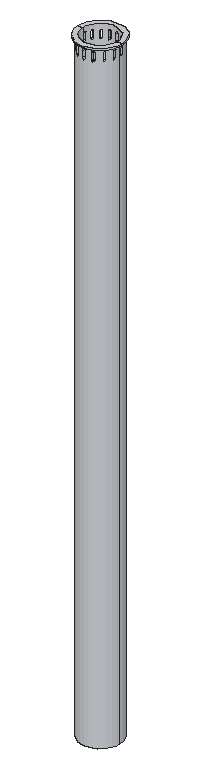
Revit family "Flushometer-Tailpiece-KOHLER-K-13716_1", category Specialty Equipment, host Face, Revit 2017
Family settings
  Host = Face
  Round Connector Dimension = Use Diameter
  Part Type = Normal
  OmniClass Number = 23.31.25.00
  OmniClass Title = Toilet and Bath Specialties
  Cut with Voids When Loaded = No
  Shared = No
  Room Calculation Point = No
Parameters (values of type "CP-Polished Chrome")
  Width = 1 93/128"  # constant formula
  WaterSense Certified = 1 = 0  # no
  URL = "https://www.us.kohler.com/us/"
  Type = 1
  Product Page URL = "http://www.us.kohler.com/us/catalog/productDetails.jsp?productId=13716"
  Product Name = ""
  Product Documentation Link = "https://www.us.kohler.com/webassets/kpna/catalog/pdf/en/K-13716_spec_US-CA_Kohler_en.pdf"
  Model = "K-13716-CP"  # constant formula
  Material = "Brass Construction"  # constant formula
  Master Format 2014 Name = "Toilet, Bath, and Laundry Accessories"  # constant formula
  Master Format 2014 = "10 28 00"  # constant formula
  Manufacturer Address = "444 Highland Dr, Kohler, WI 53044"  # constant formula
  Manufacturer = "KOHLER Co."  # constant formula
  Length = 1 93/128"  # constant formula
  Height = 24"  # constant formula
  Finish = Kohler-Metal-CP-Polished_Chrome
  Environmental Product Declaration = ""
  Description = "1-1/2 inch x 24 inch Tailpiece"  # constant formula
  Default Elevation = 42"
  Declare Label = ""
  Date Modified = "02/11/2021"  # constant formula
  Date Created = "02/11/2021"  # constant formula
  Copyright = "Copyright KOHLER Co."  # constant formula
  Contact Us = "https://www.us.kohler.com/us/static/contact.jsp"
  Assembly Code = "C1030200"
  ADA Compliant = 1 = 0  # no
Reference planes (in)
  plane 1 "Center (Front/Back)": y = 0
  plane 2: z = 0
  plane 3 "Center (Left/Right)": x = 0
  plane 4: x = 0.74803
  plane 5: x = -0.74803
  plane 6: y = -0.74803
  plane 7: y = 0.74803
  plane 8: y = 0.86417
  plane 9: x = 0.86417
  plane 10: y = -0.86239
  plane 11: x = -0.86239
  plane 12: z = 24
Dimensions and locks (in)
  "Width": plane 11 to plane 9
  "Length": plane 8 to plane 10
  "Height": plane 12 to plane 2
  aligned and locked: plane 2 to host face
  aligned and locked: level to host face
Automatic sketch dimensions
  host sketch curve to host sketch curve = 96"  (x2)
Nested families (in)
  nested 1: "K-13716" at (0, 0, 0), type "K-13716"
Definition of nested family "K-13716"
  Parameters (values of type "K-13716")
    Material = none
  Reference planes (in)
    plane 1 "Center (Front/Back)": y = 0
    plane 2: z = 0
    plane 3 "Center (Left/Right)": x = 0
    plane 4: z = 24
    plane 5: x = -0.74803
    plane 6: x = 0.74803
  Forms (in)
    Revolve 1, solid, material <- "Material", detail levels medium+fine
      sketch origin (0, 0, 0) x (1, 0, 0) y (0, 0, 1)
        loop
          line (-0.74803, 23.95177) -> (-0.74803, 0) -> (0, 0) -> (0, 0.07874) -> (-0.66929, 0.07874) -> (-0.66929, 24) -> (-0.86417, 24) -> (-0.86417, 23.95177) -> (-0.74803, 23.95177)
        axis (0, 24) -> (0, 0)
      angle from 0 to 360
    Extrusion 2, void
      sketch origin (0, 0, 0) x (1, 0, 0) y (0, 0, 1)
        loop
          line (-0.05906, 23.7838) -> (-0.05906, 23.52721)
          arc (-0.05906, 23.52721) -> (0, 23.46815) -> (0.05906, 23.52721) r 0.05906
          line (0.05906, 23.52721) -> (0.05906, 23.7838)
          arc (0.05906, 23.7838) -> (0, 23.84285) -> (-0.05906, 23.7838) r 0.05906
      from 0.56122 to 1.02982
    Extrusion 3, void
      sketch origin (0, 0, 0) x (0.913545, -0.406737, 0) y (0, 0, 1)
        loop
          line (-0.05906, 23.7838) -> (-0.05906, 23.52721)
          arc (-0.05906, 23.52721) -> (0, 23.46815) -> (0.05906, 23.52721) r 0.05906
          line (0.05906, 23.52721) -> (0.05906, 23.7838)
          arc (0.05906, 23.7838) -> (0, 23.84285) -> (-0.05906, 23.7838) r 0.05906
      from 0.56122 to 1.02982
    Extrusion 4, void
      sketch origin (0, 0, 0) x (0.913545, 0.406737, 0) y (0, 0, 1)
        loop
          line (-0.05906, 23.7838) -> (-0.05906, 23.52721)
          arc (-0.05906, 23.52721) -> (0, 23.46815) -> (0.05906, 23.52721) r 0.05906
          line (0.05906, 23.52721) -> (0.05906, 23.7838)
          arc (0.05906, 23.7838) -> (0, 23.84285) -> (-0.05906, 23.7838) r 0.05906
      from 0.56122 to 1.02982
    Extrusion 5, void
      sketch origin (0, 0, 0) x (0.669131, 0.743145, 0) y (0, 0, 1)
        loop
          line (-0.05906, 23.7838) -> (-0.05906, 23.52721)
          arc (-0.05906, 23.52721) -> (0, 23.46815) -> (0.05906, 23.52721) r 0.05906
          line (0.05906, 23.52721) -> (0.05906, 23.7838)
          arc (0.05906, 23.7838) -> (0, 23.84285) -> (-0.05906, 23.7838) r 0.05906
      from 0.56122 to 1.02982
    Extrusion 6, void
      sketch origin (0, 0, 0) x (0.309017, 0.951057, 0) y (0, 0, 1)
        loop
          line (-0.05906, 23.7838) -> (-0.05906, 23.52721)
          arc (-0.05906, 23.52721) -> (0, 23.46815) -> (0.05906, 23.52721) r 0.05906
          line (0.05906, 23.52721) -> (0.05906, 23.7838)
          arc (0.05906, 23.7838) -> (0, 23.84285) -> (-0.05906, 23.7838) r 0.05906
      from 0.56122 to 1.02982
    Extrusion 7, void
      sketch origin (0, 0, 0) x (-0.104528, 0.994522, 0) y (0, 0, 1)
        loop
          line (-0.05906, 23.7838) -> (-0.05906, 23.52721)
          arc (-0.05906, 23.52721) -> (0, 23.46815) -> (0.05906, 23.52721) r 0.05906
          line (0.05906, 23.52721) -> (0.05906, 23.7838)
          arc (0.05906, 23.7838) -> (0, 23.84285) -> (-0.05906, 23.7838) r 0.05906
      from 0.56122 to 1.02982
    Extrusion 8, void
      sketch origin (0, 0, 0) x (-0.5, 0.866025, 0) y (0, 0, 1)
        loop
          line (-0.05906, 23.7838) -> (-0.05906, 23.52721)
          arc (-0.05906, 23.52721) -> (0, 23.46815) -> (0.05906, 23.52721) r 0.05906
          line (0.05906, 23.52721) -> (0.05906, 23.7838)
          arc (0.05906, 23.7838) -> (0, 23.84285) -> (-0.05906, 23.7838) r 0.05906
      from 0.56122 to 1.02982
    Extrusion 9, void
      sketch origin (0, 0, 0) x (-0.809017, 0.587785, 0) y (0, 0, 1)
        loop
          line (-0.05906, 23.7838) -> (-0.05906, 23.52721)
          arc (-0.05906, 23.52721) -> (0, 23.46815) -> (0.05906, 23.52721) r 0.05906
          line (0.05906, 23.52721) -> (0.05906, 23.7838)
          arc (0.05906, 23.7838) -> (0, 23.84285) -> (-0.05906, 23.7838) r 0.05906
      from 0.56122 to 1.02982
    Extrusion 10, void
      sketch origin (0, 0, 0) x (-0.978148, 0.207912, 0) y (0, 0, 1)
        loop
          line (-0.05906, 23.7838) -> (-0.05906, 23.52721)
          arc (-0.05906, 23.52721) -> (0, 23.46815) -> (0.05906, 23.52721) r 0.05906
          line (0.05906, 23.52721) -> (0.05906, 23.7838)
          arc (0.05906, 23.7838) -> (0, 23.84285) -> (-0.05906, 23.7838) r 0.05906
      from 0.56122 to 1.02982
    Extrusion 11, void
      sketch origin (0, 0, 0) x (-0.978148, -0.207912, 0) y (0, 0, 1)
        loop
          line (-0.05906, 23.7838) -> (-0.05906, 23.52721)
          arc (-0.05906, 23.52721) -> (0, 23.46815) -> (0.05906, 23.52721) r 0.05906
          line (0.05906, 23.52721) -> (0.05906, 23.7838)
          arc (0.05906, 23.7838) -> (0, 23.84285) -> (-0.05906, 23.7838) r 0.05906
      from 0.56122 to 1.02982
    Extrusion 12, void
      sketch origin (0, 0, 0) x (-0.809017, -0.587785, 0) y (0, 0, 1)
        loop
          line (-0.05906, 23.7838) -> (-0.05906, 23.52721)
          arc (-0.05906, 23.52721) -> (0, 23.46815) -> (0.05906, 23.52721) r 0.05906
          line (0.05906, 23.52721) -> (0.05906, 23.7838)
          arc (0.05906, 23.7838) -> (0, 23.84285) -> (-0.05906, 23.7838) r 0.05906
      from 0.56122 to 1.02982
    Extrusion 13, void
      sketch origin (0, 0, 0) x (-0.5, -0.866025, 0) y (0, 0, 1)
        loop
          line (-0.05906, 23.7838) -> (-0.05906, 23.52721)
          arc (-0.05906, 23.52721) -> (0, 23.46815) -> (0.05906, 23.52721) r 0.05906
          line (0.05906, 23.52721) -> (0.05906, 23.7838)
          arc (0.05906, 23.7838) -> (0, 23.84285) -> (-0.05906, 23.7838) r 0.05906
      from 0.56122 to 1.02982
    Extrusion 14, void
      sketch origin (0, 0, 0) x (-0.104528, -0.994522, 0) y (0, 0, 1)
        loop
          line (-0.05906, 23.7838) -> (-0.05906, 23.52721)
          arc (-0.05906, 23.52721) -> (0, 23.46815) -> (0.05906, 23.52721) r 0.05906
          line (0.05906, 23.52721) -> (0.05906, 23.7838)
          arc (0.05906, 23.7838) -> (0, 23.84285) -> (-0.05906, 23.7838) r 0.05906
      from 0.56122 to 1.02982
    Extrusion 15, void
      sketch origin (0, 0, 0) x (0.309017, -0.951057, 0) y (0, 0, 1)
        loop
          line (-0.05906, 23.7838) -> (-0.05906, 23.52721)
          arc (-0.05906, 23.52721) -> (0, 23.46815) -> (0.05906, 23.52721) r 0.05906
          line (0.05906, 23.52721) -> (0.05906, 23.7838)
          arc (0.05906, 23.7838) -> (0, 23.84285) -> (-0.05906, 23.7838) r 0.05906
      from 0.56122 to 1.02982
    Extrusion 16, void
      sketch origin (0, 0, 0) x (0.669131, -0.743145, 0) y (0, 0, 1)
        loop
          line (-0.05906, 23.7838) -> (-0.05906, 23.52721)
          arc (-0.05906, 23.52721) -> (0, 23.46815) -> (0.05906, 23.52721) r 0.05906
          line (0.05906, 23.52721) -> (0.05906, 23.7838)
          arc (0.05906, 23.7838) -> (0, 23.84285) -> (-0.05906, 23.7838) r 0.05906
      from 0.56122 to 1.02982
    Extrusion 17, solid, material <- "Material", detail levels coarse
      sketch origin (0, 0, 0) x (1, 0, 0) y (0, 1, 0)
        loop
          circle (0, 0) r 0.86417
      from 0 to 24
  Cuts and joins
    Extrusion 2, Extrusion 3, Extrusion 4, Extrusion 5, Extrusion 6, Extrusion 7, Extrusion 8, Extrusion 9, Extrusion 10, Extrusion 11, Extrusion 12, Extrusion 13, Extrusion 14, Extrusion 15, Extrusion 16 cuts Revolve 1
  Lines and regions (in)
    Masking region 1
      outline origin (0, 0, 0) x (1, 0, 0) y (0, 1, 0)
        loop
          circle (0, 0) r 0.86417
    Masking region 2
      outline origin (0, 0, 0) x (1, 0, 0) y (0, 0, 1)
        loop
          line (-0.74803, 23.95177) -> (-0.74803, 0) -> (0.74803, 0) -> (0.74803, 23.95177) -> (0.86417, 23.95177) -> (0.86417, 24) -> (-0.86417, 24) -> (-0.86417, 23.95177) -> (-0.74803, 23.95177)
    Masking region 3
      outline origin (0, 0, 0) x (0, 1, 0) y (0, 0, 1)
        loop
          line (0, 24) -> (-0.86417, 24) -> (-0.86417, 23.95177) -> (-0.74803, 23.95177) -> (-0.74803, 0) -> (0, 0) -> (0.74803, 0) -> (0.74803, 23.95177) -> (0.86417, 23.95177) -> (0.86417, 24) -> (0, 24)
    symbolic lines, detail levels medium+fine
      curve 1: circle (0, 0, 0) r 0.66929 normal (0, 0, 1)
      curve 2: line (-0.74803, 0, 23.95177) -> (0.74803, 0, 23.95177)
      curve 3: line (-0.05906, 0, 23.52721) -> (-0.05906, 0, 23.7838)
      curve 4: arc (-0.05905, 0, 23.7838) -> (0, -0.00005, 23.84285) -> (0.05905, 0, 23.7838) r 0.05905
      curve 5: line (0.05906, 0, 23.7838) -> (0.05906, 0, 23.52721)
      curve 6: arc (0.05905, 0, 23.52721) -> (0, -0.00005, 23.46815) -> (-0.05905, 0, 23.52721) r 0.05905
      curve 7: line (0.24935, 0, 23.52723) -> (0.24935, 0, 23.7838)
      curve 8: line (0.35725, 0, 23.78382) -> (0.35725, 0, 23.52721)
      curve 9: line (0.32511, 0, 23.52718) -> (0.32511, 0, 23.78382)
      curve 10: spline (0.24935, 0, 23.7838) -> (0.2512, 0, 23.79908) -> (0.25659, 0, 23.81332) -> (0.26516, 0, 23.82555) -> (0.27634, 0, 23.83494) -> (0.28935, 0, 23.84084) -> (0.30331, 0, 23.84285) -> (0.31727, 0, 23.84084) -> (0.33028, 0, 23.83495) -> (0.34145, 0, 23.82557) -> (0.35003, 0, 23.81334) -> (0.35541, 0, 23.7991) -> (0.35725, 0, 23.78382)
      curve 11: spline (0.35725, 0, 23.52721) -> (0.35542, 0, 23.51192) -> (0.35003, 0, 23.49768) -> (0.34146, 0, 23.48545) -> (0.33029, 0, 23.47606) -> (0.31728, 0, 23.47016) -> (0.30331, 0, 23.46815) -> (0.28935, 0, 23.47017) -> (0.27633, 0, 23.47607) -> (0.26516, 0, 23.48546) -> (0.25658, 0, 23.4977) -> (0.25119, 0, 23.51194) -> (0.24935, 0, 23.52723)
      curve 12: spline (0.29183, 0, 23.47265) -> (0.29661, 0, 23.47512) -> (0.30115, 0, 23.4781) -> (0.3054, 0, 23.48155) -> (0.30932, 0, 23.48544) -> (0.31287, 0, 23.48973) -> (0.31603, 0, 23.49439) -> (0.31875, 0, 23.49936) -> (0.32101, 0, 23.50459) -> (0.32279, 0, 23.51005) -> (0.32408, 0, 23.51567) -> (0.32485, 0, 23.5214) -> (0.32511, 0, 23.52718)
      curve 13: spline (0.32511, 0, 23.78382) -> (0.32482, 0, 23.78995) -> (0.32395, 0, 23.79601) -> (0.32251, 0, 23.80194) -> (0.32051, 0, 23.80768) -> (0.31799, 0, 23.81316) -> (0.31495, 0, 23.81832) -> (0.31144, 0, 23.8231) -> (0.3075, 0, 23.82746) -> (0.30317, 0, 23.83135) -> (0.29849, 0, 23.83473) -> (0.29351, 0, 23.83756) -> (0.2883, 0, 23.8398)
      curve 14: spline (0.51465, 0, 23.7838) -> (0.516, 0, 23.79908) -> (0.51995, 0, 23.81332) -> (0.52624, 0, 23.82555) -> (0.53442, 0, 23.83493) -> (0.54395, 0, 23.84084) -> (0.55418, 0, 23.84285) -> (0.5644, 0, 23.84085) -> (0.57393, 0, 23.83496) -> (0.58211, 0, 23.82559) -> (0.58838, 0, 23.81337) -> (0.59233, 0, 23.79913) -> (0.59368, 0, 23.78385)
      curve 15: spline (0.59368, 0, 23.52721) -> (0.59234, 0, 23.51192) -> (0.5884, 0, 23.49767) -> (0.58212, 0, 23.48544) -> (0.57394, 0, 23.47606) -> (0.56441, 0, 23.47016) -> (0.55418, 0, 23.46815) -> (0.54395, 0, 23.47017) -> (0.53441, 0, 23.47608) -> (0.52623, 0, 23.48548) -> (0.51994, 0, 23.49772) -> (0.51599, 0, 23.51197) -> (0.51465, 0, 23.52726)
      curve 16: line (0.59368, 0, 23.78385) -> (0.59368, 0, 23.52721)
      curve 17: line (0.51465, 0, 23.52726) -> (0.51465, 0, 23.7838)
      curve 18: spline (0.52582, 0, 23.48939) -> (0.52723, 0, 23.49208) -> (0.52853, 0, 23.49488) -> (0.52972, 0, 23.49779) -> (0.5308, 0, 23.5008) -> (0.53176, 0, 23.50389) -> (0.5326, 0, 23.50707) -> (0.53332, 0, 23.51031) -> (0.5339, 0, 23.51361) -> (0.53436, 0, 23.51695) -> (0.53469, 0, 23.52033) -> (0.53489, 0, 23.52373) -> (0.53496, 0, 23.52715)
      curve 19: line (0.53496, 0, 23.52715) -> (0.53496, 0, 23.78386)
      curve 20: spline (0.53496, 0, 23.78386) -> (0.53489, 0, 23.78724) -> (0.5347, 0, 23.7906) -> (0.53437, 0, 23.79395) -> (0.53392, 0, 23.79726) -> (0.53335, 0, 23.80053) -> (0.53265, 0, 23.80374) -> (0.53183, 0, 23.80689) -> (0.53089, 0, 23.80996) -> (0.52983, 0, 23.81294) -> (0.52866, 0, 23.81583) -> (0.52738, 0, 23.81862) -> (0.526, 0, 23.82129)
      curve 21: line (0.69095, 0, 23.52736) -> (0.69095, 0, 23.7838)
      curve 22: spline (0.69095, 0, 23.7838) -> (0.69158, 0, 23.79907) -> (0.69341, 0, 23.8133) -> (0.69632, 0, 23.82553) -> (0.7001, 0, 23.83492) -> (0.7045, 0, 23.84082) -> (0.70922, 0, 23.84285) -> (0.71394, 0, 23.84086) -> (0.71834, 0, 23.83499) -> (0.72211, 0, 23.82564) -> (0.72501, 0, 23.81343) -> (0.72683, 0, 23.79922) -> (0.72745, 0, 23.78395)
      curve 23: line (0.72745, 0, 23.78395) -> (0.72745, 0, 23.52721)
      curve 24: spline (0.72745, 0, 23.52721) -> (0.72684, 0, 23.51191) -> (0.72502, 0, 23.49766) -> (0.72213, 0, 23.48542) -> (0.71835, 0, 23.47604) -> (0.71395, 0, 23.47015) -> (0.70922, 0, 23.46815) -> (0.7045, 0, 23.47019) -> (0.70009, 0, 23.47611) -> (0.6963, 0, 23.48553) -> (0.6934, 0, 23.49779) -> (0.69157, 0, 23.51206) -> (0.69095, 0, 23.52736)
      curve 25: line (-0.24935, 0, 23.52723) -> (-0.24935, 0, 23.7838)
      curve 26: line (-0.35725, 0, 23.78382) -> (-0.35725, 0, 23.52721)
      curve 27: line (-0.32511, 0, 23.52718) -> (-0.32511, 0, 23.78382)
      curve 28: spline (-0.24935, 0, 23.7838) -> (-0.2512, 0, 23.79908) -> (-0.25659, 0, 23.81332) -> (-0.26516, 0, 23.82555) -> (-0.27634, 0, 23.83494) -> (-0.28935, 0, 23.84084) -> (-0.30331, 0, 23.84285) -> (-0.31727, 0, 23.84084) -> (-0.33028, 0, 23.83495) -> (-0.34145, 0, 23.82557) -> (-0.35003, 0, 23.81334) -> (-0.35541, 0, 23.7991) -> (-0.35725, 0, 23.78382)
      curve 29: spline (-0.35725, 0, 23.52721) -> (-0.35542, 0, 23.51192) -> (-0.35003, 0, 23.49768) -> (-0.34146, 0, 23.48545) -> (-0.33029, 0, 23.47606) -> (-0.31728, 0, 23.47016) -> (-0.30331, 0, 23.46815) -> (-0.28935, 0, 23.47017) -> (-0.27633, 0, 23.47607) -> (-0.26516, 0, 23.48546) -> (-0.25658, 0, 23.4977) -> (-0.25119, 0, 23.51194) -> (-0.24935, 0, 23.52723)
      curve 30: spline (-0.28725, 0, 23.47083) -> (-0.29259, 0, 23.473) -> (-0.2977, 0, 23.47578) -> (-0.3025, 0, 23.47912) -> (-0.30696, 0, 23.48301) -> (-0.31102, 0, 23.48738) -> (-0.31463, 0, 23.49221) -> (-0.31776, 0, 23.49742) -> (-0.32037, 0, 23.50296) -> (-0.32242, 0, 23.50878) -> (-0.32391, 0, 23.5148) -> (-0.32481, 0, 23.52095) -> (-0.32511, 0, 23.52718)
      curve 31: spline (-0.32511, 0, 23.78382) -> (-0.32481, 0, 23.79005) -> (-0.32391, 0, 23.79621) -> (-0.32242, 0, 23.80223) -> (-0.32037, 0, 23.80804) -> (-0.31776, 0, 23.81359) -> (-0.31463, 0, 23.8188) -> (-0.31102, 0, 23.82362) -> (-0.30696, 0, 23.828) -> (-0.3025, 0, 23.83188) -> (-0.2977, 0, 23.83523) -> (-0.29259, 0, 23.838) -> (-0.28725, 0, 23.84017)
      curve 32: spline (-0.51465, 0, 23.7838) -> (-0.516, 0, 23.79908) -> (-0.51995, 0, 23.81332) -> (-0.52624, 0, 23.82555) -> (-0.53442, 0, 23.83493) -> (-0.54395, 0, 23.84084) -> (-0.55418, 0, 23.84285) -> (-0.5644, 0, 23.84085) -> (-0.57393, 0, 23.83496) -> (-0.58211, 0, 23.82559) -> (-0.58838, 0, 23.81337) -> (-0.59233, 0, 23.79913) -> (-0.59368, 0, 23.78385)
      curve 33: spline (-0.59368, 0, 23.52721) -> (-0.59234, 0, 23.51192) -> (-0.5884, 0, 23.49767) -> (-0.58212, 0, 23.48544) -> (-0.57394, 0, 23.47606) -> (-0.56441, 0, 23.47016) -> (-0.55418, 0, 23.46815) -> (-0.54395, 0, 23.47017) -> (-0.53441, 0, 23.47608) -> (-0.52623, 0, 23.48548) -> (-0.51994, 0, 23.49772) -> (-0.51599, 0, 23.51197) -> (-0.51465, 0, 23.52726)
      curve 34: line (-0.59368, 0, 23.78385) -> (-0.59368, 0, 23.52721)
      curve 35: line (-0.51465, 0, 23.52726) -> (-0.51465, 0, 23.7838)
      curve 36: spline (-0.52483, 0, 23.48768) -> (-0.52638, 0, 23.49043) -> (-0.52782, 0, 23.49332) -> (-0.52914, 0, 23.49633) -> (-0.53034, 0, 23.49946) -> (-0.53141, 0, 23.50269) -> (-0.53234, 0, 23.50601) -> (-0.53313, 0, 23.50941) -> (-0.53378, 0, 23.51288) -> (-0.5343, 0, 23.5164) -> (-0.53466, 0, 23.51996) -> (-0.53488, 0, 23.52355) -> (-0.53496, 0, 23.52715)
      curve 37: line (-0.53496, 0, 23.52715) -> (-0.53496, 0, 23.78386)
      curve 38: spline (-0.53496, 0, 23.78386) -> (-0.53488, 0, 23.78746) -> (-0.53466, 0, 23.79105) -> (-0.5343, 0, 23.79461) -> (-0.53378, 0, 23.79813) -> (-0.53313, 0, 23.8016) -> (-0.53234, 0, 23.805) -> (-0.53141, 0, 23.80832) -> (-0.53034, 0, 23.81155) -> (-0.52914, 0, 23.81468) -> (-0.52782, 0, 23.81769) -> (-0.52638, 0, 23.82058) -> (-0.52483, 0, 23.82333)
      curve 39: line (-0.69095, 0, 23.52736) -> (-0.69095, 0, 23.7838)
      curve 40: spline (-0.69095, 0, 23.7838) -> (-0.69158, 0, 23.79907) -> (-0.69341, 0, 23.8133) -> (-0.69632, 0, 23.82553) -> (-0.7001, 0, 23.83492) -> (-0.7045, 0, 23.84082) -> (-0.70922, 0, 23.84285) -> (-0.71394, 0, 23.84086) -> (-0.71834, 0, 23.83499) -> (-0.72211, 0, 23.82564) -> (-0.72501, 0, 23.81343) -> (-0.72683, 0, 23.79922) -> (-0.72745, 0, 23.78395)
      curve 41: line (-0.72745, 0, 23.78395) -> (-0.72745, 0, 23.52721)
      curve 42: spline (-0.72745, 0, 23.52721) -> (-0.72684, 0, 23.51191) -> (-0.72502, 0, 23.49766) -> (-0.72213, 0, 23.48542) -> (-0.71835, 0, 23.47604) -> (-0.71395, 0, 23.47015) -> (-0.70922, 0, 23.46815) -> (-0.7045, 0, 23.47019) -> (-0.70009, 0, 23.47611) -> (-0.6963, 0, 23.48553) -> (-0.6934, 0, 23.49779) -> (-0.69157, 0, 23.51206) -> (-0.69095, 0, 23.52736)
      curve 43: line (0, 0.74803, 23.95177) -> (0, -0.74803, 23.95177)
      curve 44: line (0, -0.05906, 23.78184) -> (0, -0.05906, 23.53569)
      curve 45: line (0, 0.05906, 23.53569) -> (0, 0.05906, 23.78184)
      curve 46: arc (0, 0.05906, 23.78184) -> (0, 0, 23.8409) -> (0, -0.05906, 23.78184) r 0.05906
      curve 47: arc (0, -0.05906, 23.53569) -> (0, 0, 23.47664) -> (0, 0.05906, 23.53569) r 0.05906
      curve 48: line (0, -0.17427, 23.52722) -> (0, -0.17427, 23.7838)
      curve 49: spline (0, -0.17427, 23.7838) -> (0, -0.17619, 23.79908) -> (0, -0.1818, 23.81332) -> (0, -0.19073, 23.82555) -> (0, -0.20236, 23.83494) -> (0, -0.2159, 23.84084) -> (0, -0.23044, 23.84285) -> (0, -0.24497, 23.84084) -> (0, -0.25852, 23.83495) -> (0, -0.27015, 23.82557) -> (0, -0.27907, 23.81334) -> (0, -0.28468, 23.7991) -> (0, -0.2866, 23.78381)
      curve 50: spline (0, -0.26218, 23.7838) -> (0, -0.26183, 23.7904) -> (0, -0.26078, 23.79692) -> (0, -0.25904, 23.80328) -> (0, -0.25664, 23.80939) -> (0, -0.2536, 23.81518) -> (0, -0.24997, 23.82058) -> (0, -0.24578, 23.82551) -> (0, -0.2411, 23.82993) -> (0, -0.23597, 23.83376) -> (0, -0.23047, 23.83697) -> (0, -0.22467, 23.83951) -> (0, -0.21862, 23.84135)
      curve 51: line (0, -0.26218, 23.52721) -> (0, -0.26218, 23.7838)
      curve 52: line (0, -0.2866, 23.78381) -> (0, -0.2866, 23.52721)
      curve 53: spline (0, -0.2866, 23.52721) -> (0, -0.28469, 23.51192) -> (0, -0.27908, 23.49768) -> (0, -0.27016, 23.48545) -> (0, -0.25852, 23.47606) -> (0, -0.24498, 23.47016) -> (0, -0.23044, 23.46815) -> (0, -0.2159, 23.47017) -> (0, -0.20236, 23.47607) -> (0, -0.19072, 23.48546) -> (0, -0.18179, 23.49769) -> (0, -0.17618, 23.51194) -> (0, -0.17427, 23.52722)
      curve 54: spline (0, -0.22084, 23.47024) -> (0, -0.22663, 23.47227) -> (0, -0.23217, 23.47494) -> (0, -0.23741, 23.47823) -> (0, -0.24227, 23.4821) -> (0, -0.24671, 23.48649) -> (0, -0.25067, 23.49137) -> (0, -0.2541, 23.49668) -> (0, -0.25697, 23.50234) -> (0, -0.25923, 23.5083) -> (0, -0.26086, 23.51447) -> (0, -0.26185, 23.5208) -> (0, -0.26218, 23.52721)
      curve 55: spline (0, -0.45508, 23.7838) -> (0, -0.45659, 23.79908) -> (0, -0.46097, 23.81332) -> (0, -0.46795, 23.82555) -> (0, -0.47704, 23.83493) -> (0, -0.48763, 23.84084) -> (0, -0.49898, 23.84285) -> (0, -0.51034, 23.84085) -> (0, -0.52092, 23.83496) -> (0, -0.53001, 23.82558) -> (0, -0.53698, 23.81336) -> (0, -0.54136, 23.79912) -> (0, -0.54285, 23.78384)
      curve 56: line (0, -0.45508, 23.52725) -> (0, -0.45508, 23.7838)
      curve 57: spline (0, -0.54285, 23.52721) -> (0, -0.54137, 23.51192) -> (0, -0.53699, 23.49767) -> (0, -0.53002, 23.48544) -> (0, -0.52093, 23.47606) -> (0, -0.51035, 23.47016) -> (0, -0.49899, 23.46815) -> (0, -0.48762, 23.47017) -> (0, -0.47704, 23.47608) -> (0, -0.46794, 23.48547) -> (0, -0.46096, 23.49771) -> (0, -0.45658, 23.51196) -> (0, -0.45508, 23.52725)
      curve 58: spline (0, -0.47385, 23.48143) -> (0, -0.47628, 23.48431) -> (0, -0.47855, 23.48742) -> (0, -0.48064, 23.49074) -> (0, -0.48254, 23.49427) -> (0, -0.48425, 23.49798) -> (0, -0.48574, 23.50184) -> (0, -0.48702, 23.50585) -> (0, -0.48808, 23.50997) -> (0, -0.48891, 23.51418) -> (0, -0.4895, 23.51847) -> (0, -0.48986, 23.5228) -> (0, -0.48998, 23.52716)
      curve 59: line (0, -0.48998, 23.52716) -> (0, -0.48998, 23.78385)
      curve 60: spline (0, -0.48998, 23.78385) -> (0, -0.48986, 23.78819) -> (0, -0.48951, 23.79251) -> (0, -0.48892, 23.79678) -> (0, -0.4881, 23.80098) -> (0, -0.48705, 23.80509) -> (0, -0.48577, 23.80908) -> (0, -0.48429, 23.81294) -> (0, -0.48259, 23.81663) -> (0, -0.4807, 23.82015) -> (0, -0.47863, 23.82348) -> (0, -0.47637, 23.82659) -> (0, -0.47395, 23.82946)
      curve 61: line (0, -0.54286, 23.78384) -> (0, -0.54286, 23.52721)
      curve 62: line (0, -0.65721, 23.52732) -> (0, -0.65721, 23.7838)
      curve 63: line (0, -0.70525, 23.78391) -> (0, -0.70525, 23.52721)
      curve 64: spline (0, -0.65721, 23.7838) -> (0, -0.65804, 23.79907) -> (0, -0.66044, 23.81331) -> (0, -0.66427, 23.82554) -> (0, -0.66924, 23.83492) -> (0, -0.67504, 23.84083) -> (0, -0.68125, 23.84285) -> (0, -0.68746, 23.84086) -> (0, -0.69325, 23.83498) -> (0, -0.69822, 23.82562) -> (0, -0.70203, 23.81341) -> (0, -0.70443, 23.79918) -> (0, -0.70525, 23.78391)
      curve 65: spline (0, -0.70525, 23.52721) -> (0, -0.70444, 23.51192) -> (0, -0.70205, 23.49767) -> (0, -0.69824, 23.48543) -> (0, -0.69326, 23.47605) -> (0, -0.68747, 23.47015) -> (0, -0.68125, 23.46815) -> (0, -0.67503, 23.47018) -> (0, -0.66923, 23.4761) -> (0, -0.66425, 23.48551) -> (0, -0.66043, 23.49776) -> (0, -0.65803, 23.51202) -> (0, -0.65721, 23.52732)
      curve 66: line (0, 0.17427, 23.52722) -> (0, 0.17427, 23.7838)
      curve 67: spline (0, 0.17427, 23.7838) -> (0, 0.17619, 23.79908) -> (0, 0.1818, 23.81332) -> (0, 0.19073, 23.82555) -> (0, 0.20236, 23.83494) -> (0, 0.2159, 23.84084) -> (0, 0.23044, 23.84285) -> (0, 0.24497, 23.84084) -> (0, 0.25852, 23.83495) -> (0, 0.27015, 23.82557) -> (0, 0.27907, 23.81334) -> (0, 0.28468, 23.7991) -> (0, 0.2866, 23.78381)
      curve 68: spline (0, 0.26218, 23.7838) -> (0, 0.26183, 23.79044) -> (0, 0.26077, 23.79699) -> (0, 0.25901, 23.80338) -> (0, 0.25658, 23.80951) -> (0, 0.25352, 23.81533) -> (0, 0.24985, 23.82074) -> (0, 0.24562, 23.82568) -> (0, 0.24089, 23.8301) -> (0, 0.23572, 23.83393) -> (0, 0.23018, 23.83712) -> (0, 0.22432, 23.83963) -> (0, 0.21824, 23.84144)
      curve 69: line (0, 0.26218, 23.52721) -> (0, 0.26218, 23.7838)
      curve 70: line (0, 0.2866, 23.78381) -> (0, 0.2866, 23.52721)
      curve 71: spline (0, 0.2866, 23.52721) -> (0, 0.28469, 23.51192) -> (0, 0.27908, 23.49768) -> (0, 0.27016, 23.48545) -> (0, 0.25852, 23.47606) -> (0, 0.24498, 23.47016) -> (0, 0.23044, 23.46815) -> (0, 0.2159, 23.47017) -> (0, 0.20236, 23.47607) -> (0, 0.19072, 23.48546) -> (0, 0.18179, 23.49769) -> (0, 0.17618, 23.51194) -> (0, 0.17427, 23.52722)
      curve 72: spline (0, 0.21824, 23.46956) -> (0, 0.22432, 23.47137) -> (0, 0.23018, 23.47389) -> (0, 0.23572, 23.47708) -> (0, 0.24089, 23.48091) -> (0, 0.24562, 23.48532) -> (0, 0.24985, 23.49027) -> (0, 0.25352, 23.49568) -> (0, 0.25658, 23.50149) -> (0, 0.25901, 23.50763) -> (0, 0.26077, 23.51402) -> (0, 0.26183, 23.52057) -> (0, 0.26218, 23.52721)
      curve 73: spline (0, 0.45508, 23.7838) -> (0, 0.45659, 23.79908) -> (0, 0.46097, 23.81332) -> (0, 0.46795, 23.82555) -> (0, 0.47704, 23.83493) -> (0, 0.48763, 23.84084) -> (0, 0.49898, 23.84285) -> (0, 0.51034, 23.84085) -> (0, 0.52092, 23.83496) -> (0, 0.53001, 23.82558) -> (0, 0.53698, 23.81336) -> (0, 0.54136, 23.79912) -> (0, 0.54285, 23.78384)
      curve 74: line (0, 0.45508, 23.52725) -> (0, 0.45508, 23.7838)
      curve 75: spline (0, 0.54285, 23.52721) -> (0, 0.54137, 23.51192) -> (0, 0.53699, 23.49767) -> (0, 0.53002, 23.48544) -> (0, 0.52093, 23.47606) -> (0, 0.51035, 23.47016) -> (0, 0.49899, 23.46815) -> (0, 0.48762, 23.47017) -> (0, 0.47704, 23.47608) -> (0, 0.46794, 23.48547) -> (0, 0.46096, 23.49771) -> (0, 0.45658, 23.51196) -> (0, 0.45508, 23.52725)
      curve 76: spline (0, 0.47256, 23.48007) -> (0, 0.47517, 23.48294) -> (0, 0.47761, 23.48608) -> (0, 0.47987, 23.48946) -> (0, 0.48192, 23.49306) -> (0, 0.48377, 23.49687) -> (0, 0.48539, 23.50085) -> (0, 0.48677, 23.50499) -> (0, 0.48792, 23.50927) -> (0, 0.48882, 23.51365) -> (0, 0.48946, 23.51811) -> (0, 0.48985, 23.52262) -> (0, 0.48998, 23.52716)
      curve 77: line (0, 0.48998, 23.52716) -> (0, 0.48998, 23.78385)
      curve 78: spline (0, 0.48998, 23.78385) -> (0, 0.48985, 23.78839) -> (0, 0.48946, 23.7929) -> (0, 0.48882, 23.79736) -> (0, 0.48792, 23.80174) -> (0, 0.48677, 23.80601) -> (0, 0.48539, 23.81015) -> (0, 0.48377, 23.81414) -> (0, 0.48192, 23.81794) -> (0, 0.47987, 23.82155) -> (0, 0.47761, 23.82493) -> (0, 0.47517, 23.82806) -> (0, 0.47256, 23.83094)
      curve 79: line (0, 0.54286, 23.78384) -> (0, 0.54286, 23.52721)
      curve 80: line (0, 0.65721, 23.52732) -> (0, 0.65721, 23.7838)
      curve 81: line (0, 0.70525, 23.78391) -> (0, 0.70525, 23.52721)
      curve 82: spline (0, 0.65721, 23.7838) -> (0, 0.65804, 23.79907) -> (0, 0.66044, 23.81331) -> (0, 0.66427, 23.82554) -> (0, 0.66924, 23.83492) -> (0, 0.67504, 23.84083) -> (0, 0.68125, 23.84285) -> (0, 0.68746, 23.84086) -> (0, 0.69325, 23.83498) -> (0, 0.69822, 23.82562) -> (0, 0.70203, 23.81341) -> (0, 0.70443, 23.79918) -> (0, 0.70525, 23.78391)
      curve 83: spline (0, 0.70525, 23.52721) -> (0, 0.70444, 23.51192) -> (0, 0.70205, 23.49767) -> (0, 0.69824, 23.48543) -> (0, 0.69326, 23.47605) -> (0, 0.68747, 23.47015) -> (0, 0.68125, 23.46815) -> (0, 0.67503, 23.47018) -> (0, 0.66923, 23.4761) -> (0, 0.66425, 23.48551) -> (0, 0.66043, 23.49776) -> (0, 0.65803, 23.51202) -> (0, 0.65721, 23.52732)
  Dimensions and locks (in)
    plane 4 to plane 2 = 24"
    plane 3 "Center (Left/Right)" to plane 5 = 0.74803"
    aligned and locked: plane 2 to level
